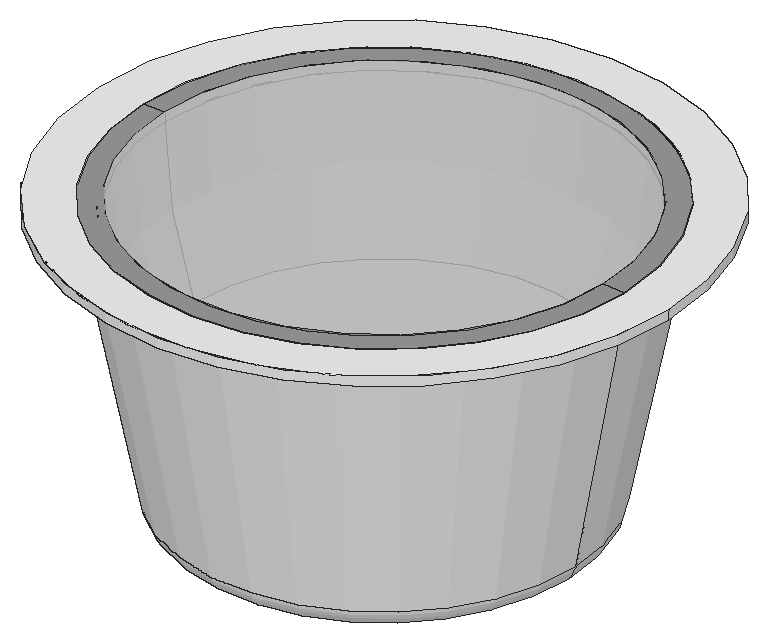
Revit family "2059129 Sylvania Lighting Fixture ASCT100 ARCH HO 4K SSC01 160", category Lighting Fixtures, host Face, Revit 2016
Family settings
  Host = Face
  Part Type = Normal
  Round Connector Dimension = Use Diameter
  OmniClass Number = 23.80.70.11.17
  OmniClass Title = Specialized Lighting by Location or Use
  Cut with Voids When Loaded = No
  Light Source = Yes
  Shared = No
  Room Calculation Point = No
Parameters (values of type "2059129 ASCT100 ARCH HO 4K SSC01 160")
  WidthBezelAcc_SYL = 25.0 mm
  Weight = "1.4 kg"
  Wattage = 17 W
  WarrantyStartDate [instance] = "n/a"
  WarrantyGuarantorParts = "n/a"
  WarrantyDurationUnit = "n/a"
  WarrantyDurationParts = "n/a"
  WarrantyDescription = "n/a"
  built-in parameter 1150110 = 1 (stored number, unit not read)
  Voltage = 0 V
  VisibilityAccessory_SYL = no
  TypeName = "ASCT100 ARCH HO 4K SSC01 160"
  built-in parameter 1114217 = 1 (stored number, unit not read)
  Tilt Angle = -90°
  built-in parameter 1150109 = 1 (stored number, unit not read)
  built-in parameter 1150134 = 12
  built-in parameter 1150113 = 1 (stored number, unit not read)
  SerialNumber [instance] = "n/a"
  ReflectorRadius_SYL = Radius_SYL - 14.5 mm  # 80.0 mm
  RadiusAcc_SYL = 105.0 mm
  Radius_SYL = 94.5 mm
  URL = "http://www.sylvania-lighting.com"
  PowerFactor = 0.96
  PowerConsumption = "17 W"
  Photometric Web File = "2059129.ies"
  NominalWidth = 0.0 mm
  NominalLength = 0.0 mm
  NominalHeight = 94.0 mm
  Name = "ASCT100 ARCH HO 4K SSC01 160"
  ModelReference = "ASCT100 ARCH HO 4K SSC01 160"
  ModelNumber = "2059129"
  Material_4_SYL = none
  Material_3_SYL = Polycarbonate_Sylvania_Ascent_Opal
  Material_2_SYL = Aluminium_Sylvania_Ascent_Silver
  Material_1_SYL = Aluminum_Sylvania_Ascent_White
  Material = "aluminium housing, arcylic diffuser"
  ManufacturerName = "Feilo Sylvania"
  LuminousEfficacy = "113 lm/W"
  built-in parameter 1150105 = 152.87 (stored number, unit not read)
  Lumens = 1921 lm
  LuminaireType = ""
  built-in parameter 1150115 = 1 (stored number, unit not read)
  LightOutputRatio = "100"
  built-in parameter 1150137 = (empty or 0)
  built-in parameter 1150139 = (empty or 0)
  LampsType = Lamp  # "LED"
  LampNominalLuminous = "1921 lm"
  LampMacAdamStep = "3"
  LampColourTemperature = "4000 K"
  LampColourRenderingIndex = "80"
  built-in parameter 1150112 = 1 (stored number, unit not read)
  built-in parameter 1150114 = 1 (stored number, unit not read)
  Keynote = "16500"
  InstallationDate [instance] = "n/a"
  InputVoltage = "n/a"
  InputNominalFrequency = "n/a"
  built-in parameter 1150132 = (empty or 0)
  built-in parameter 1150102 = (empty or 0)
  built-in parameter 1150107 = 4000 (stored number, unit not read)
  built-in parameter 1150138 = (empty or 0)
  IngressProtection = "IP40"
  ImpactProtectionIndex = "IK02"
  built-in parameter 1150106 = 1.5287 (stored number, unit not read)
  IfcExportType = "IfcLightFixtureType"
  IfcExportAs = "IfcLightFixtureType"
  Height_SYL = 94.0 mm
  HeightAcc_SYL = 7.0 mm
  ExpectedLife = 50000
  EmittionSurface_SYL = if(VisibilityAccessory_SYL, 7.0 mm, 3.0 mm)  # 3.0 mm
  Emit from Circle Diameter = DiffuserRadius_SYL * 2  # 146.0 mm
  Emit Shape Visible in Rendering = no
  ElectricShockClassification = "Class II"
  built-in parameter 1150104 = 10.498 (stored number, unit not read)
  DurationUnit = "hours"
  DocumentationLiterature = "http://www.sylvania-lighting.com/product/en-int/products/2059129"
  DimmingControlOptions = "n/a"
  Dimming Lamp Color Temperature Shift = <None>
  DiffuserRadius_SYL = ReflectorRadius_SYL - 7.0 mm  # 73.0 mm
  Diameter_SYL = 2 * Radius_SYL  # 189.0 mm
  CutoutDiameter_SYL = Diameter_SYL - 13.0 mm  # 176.0 mm
  CreatedOn = "9/17/2018"
  CreatedBy = "@sylvania-lighting.com"
  Color Filter = 16777215
  built-in parameter 1114216 [instance] = 1 (stored number, unit not read)
  Model = "ASCT100 ARCH HO 4K SSC01 160"
  Manufacturer = "Feilo Sylvania"
  Lamp = "LED"
  Description = "Direct LED retro fit for original LED 100 Arch (160) single CFL lamp offering Matching lumen levels and improved light distribution of original LED 100 CFL lamp equivalents Typically half the power consumption compared to CFL Up to 112lm/W 160mm aperture Architectural reflector accepts range of glass accessories from existing LED 100 Arch 160 offering HE, HO and VHO versions equivalent of single 1 x 18W, 1 x 32W, 1 x 42W\r\n Additional VVHO versions which offer the performance circa 2 x 32W equivalent"  # constant formula
  Default Elevation = 0.0 mm
  built-in parameter 1140040 [instance] = 1
  BarCode [instance] = "n/a"
  built-in parameter 1114218 = 1 (stored number, unit not read)
  built-in parameter 1150133 = 10 (stored number, unit not read)
  AssetType = "Fixed"
  AssetIdentifier [instance] = "n/a"
  Assembly Code = "D5020200"
  Apparent Load = 17 VA
  Aperture_SYL = 2 * ReflectorRadius_SYL  # 160.0 mm
Reference planes
  plane 1 "Center (Front/Back)": y = 0
  plane 2: z = 0
  plane 3 "Center (Left/Right)": x = 0
  plane 4 "Fixture Bottom": z = 3
  plane 5: z = -52.5
  plane 6 "Fixture Top": z = -91
  plane 7: x = -105
  plane 8: z = 7
  plane 9: x = -80
  plane 10: z = 5
  plane 11: x = -103
Forms (mm)
  Extrusion 1, solid, material "Aluminum_Sylvania_Ascent_White", detail levels fine
    sketch origin (0, 0, 0) x (1, 0, 0) y (0, 1, 0)
      loop
        circle (0, 0) r 94.5
      loop
        circle (0, 0) r 80
    from 0 to 3
  Extrusion 2, void
    sketch origin (0, 0, 0) x (1, 0, 0) y (0, 1, 0)
      loop
        circle (0, 0) r 88
    from -91 to 3
  Revolve 3, solid, material "Aluminum_Sylvania_Ascent_White" <- "Material_1_SYL", detail levels fine
    sketch origin (0, 0, 0) x (1, 0, 0) y (0, 0, 1)
      loop
        line (0, -91.073) -> (0, -89.023) -> (-55.468, -89.014)
        arc (-55.468, -89.014) -> (-59.352, -87.613) -> (-61.54, -84.139) r 6.307
        line (-61.54, -84.139) -> (-77.991, -2.844) -> (-77.991, 0) -> (-80, 0) -> (-80, -3) -> (-63.5, -84.536)
        arc (-63.5, -84.536) -> (-60.643, -89.203) -> (-55.5, -91.073) r 8.291
        line (-55.5, -91.073) -> (0, -91.073)
      axis (0, 0) -> (0, -91.073)
    angle from 0 to 360
  Revolve 4, solid, material "Aluminium_Sylvania_Ascent_Silver" <- "Material_2_SYL", detail levels fine
    sketch origin (0, 0, 0) x (1, 0, 0) y (0, 0, 1)
      loop
        line (-80, 3) -> (-80, 0) -> (-75, 0)
        arc (-75, 0) -> (-72.349, -26.77) -> (-64.5, -52.5) r 136.5
        line (-64.5, -52.5) -> (-58, -52.5)
        arc (-58, -52.5) -> (-56.857, -61.521) -> (-53.5, -69.971) r 36.166
        line (-53.5, -69.971) -> (0, -69.971) -> (0, -50.5) -> (-63.16, -50.5)
        arc (-63.16, -50.5) -> (-70.517, -25.725) -> (-73, 0) r 134.5
        line (-73, 0) -> (-73, 3) -> (-80, 3)
      axis (0, 3) -> (0, -69.971)
    angle from 0 to 360
  Extrusion 5, solid, material "Polycarbonate_Sylvania_Ascent_Opal" <- "Material_3_SYL", detail levels fine
    sketch origin (0, 0, 0) x (1, 0, 0) y (0, 1, 0)
      loop
        circle (0, 0) r 73
    from 0 to 3
  Revolve 6, solid, material "Aluminum_Sylvania_Ascent_White" <- "Material_1_SYL", detail levels coarse+medium
    sketch origin (0, 0, 0) x (1, 0, 0) y (0, 0, 1)
      loop
        line (0, -91.073) -> (0, 3) -> (-94.5, 3) -> (-94.5, 0) -> (-79.5, 0) -> (-79.5, -3) -> (-63, -84.536)
        arc (-63, -84.536) -> (-60.143, -89.203) -> (-55, -91.073) r 8.291
        line (-55, -91.073) -> (0, -91.073)
      axis (0, 3) -> (0, -91.073)
    angle from 0 to 360
  Revolve 7, solid, material "Aluminum_Sylvania_Ascent_White" <- "Material_1_SYL", visible <- "VisibilityAccessory_SYL"
    sketch origin (0, 0, 0) x (1, 0, 0) y (0, 0, 1)
      loop
        line (-105, 0) -> (-103, 0) -> (-103, 5) -> (-80, 5) -> (-80, 7) -> (-105, 7) -> (-105, 0)
      axis (0, 7) -> (0, 0)
    angle from 0 to 360
  Revolve 8, solid, material "Polycarbonate_Sylvania_Ascent_Opal" <- "Material_3_SYL", visible <- "VisibilityAccessory_SYL"
    sketch origin (0, 0, 0) x (1, 0, 0) y (0, 0, 1)
      loop
        line (-80, 7) -> (-80, 5) -> (0, 5) -> (0, 7) -> (-80, 7)
      axis (0, 7) -> (0, 5)
    angle from 0 to 360
Lines and regions (mm)
  reference lines
    curve 1: line (-150, 0, 3) -> (125, 0, 3)
Dimensions and locks
  locked: plane 4 "Fixture Bottom" to plane 2 at 3
  "Height_SYL": plane 4 "Fixture Bottom" to plane 6 "Fixture Top"
  "ReflectorRadius_SYL": plane 3 "Center (Left/Right)" to Revolve 4 sketch curve
  locked: Revolve 4 sketch curve to Revolve 4 sketch curve at 15.5
  locked: Revolve 4 sketch curve to Revolve 4 sketch curve at 5
  locked: Revolve 4 sketch curve to Revolve 4 sketch curve at 7
  locked: Revolve 4 sketch curve to Revolve 4 sketch curve at 22
  locked: Revolve 4 sketch curve to Revolve 4 sketch curve at 26.5
  locked: Revolve 3 sketch curve to Revolve 3 sketch curve at 16.5
  locked: Revolve 3 sketch curve to Revolve 3 sketch curve at 24.5
  "ReflectorRadius_SYL": Revolve 3 sketch curve to plane 3 "Center (Left/Right)"
  locked: Revolve 3 sketch curve to plane 6 "Fixture Top" at 6.464
  locked: plane 2 to Revolve 3 sketch curve at 3
  locked: Revolve 3 sketch curve to Revolve 3 sketch curve at 2
  locked: Revolve 3 sketch curve to Revolve 3 sketch curve at 2.009
  locked: plane 2 to plane 5 at 52.5
  locked: Revolve 6 sketch curve to Revolve 6 sketch curve at 31.5
  locked: Revolve 6 sketch curve to Revolve 6 sketch curve at 39.5
  locked: Revolve 6 sketch curve to Revolve 6 sketch curve at 15
  "Radius_SYL": plane 3 "Center (Left/Right)" to Revolve 6 sketch curve
  "RadiusAcc_SYL": plane 3 "Center (Left/Right)" to plane 7
  "HeightAcc_SYL": plane 8 to level
  "WidthBezelAcc_SYL": plane 7 to plane 9
  locked: plane 7 to plane 11 at 2
  locked: plane 8 to plane 10 at 2
  "EmittionSurface_SYL": curve 1 to level
  "CutoutDiameter_SYL": diameter of Extrusion 2 sketch curve
  "ReflectorRadius_SYL": radius of Extrusion 1 sketch curve
  "DiffuserRadius_SYL": radius of Extrusion 5 sketch curve
  "Radius_SYL": radius of Extrusion 1 sketch curve
  aligned and locked: host face to plane 2
  aligned and locked: host face to level
  aligned and locked: plane 4 "Fixture Bottom" to Extrusion 1
  aligned and locked: Extrusion 1 to plane 2
  aligned and locked: Revolve 3 sketch curve to plane 3 "Center (Left/Right)"
  aligned and locked: Revolve 4 sketch curve to plane 3 "Center (Left/Right)"  (x2)
  aligned and locked: plane 4 "Fixture Bottom" to Revolve 4 sketch curve
  aligned and locked: Extrusion 5 to plane 2
  aligned and locked: plane 2 to Revolve 3 sketch curve  (x2)
  aligned and locked: Revolve 6 sketch curve to plane 3 "Center (Left/Right)"
  aligned and locked: plane 6 "Fixture Top" to Extrusion 2
  aligned and locked: Revolve 7 sketch curve to plane 3 "Center (Left/Right)"
  aligned and locked: host face to Revolve 7 sketch curve  (x2)
  aligned and locked: Revolve 7 sketch curve to plane 7
  aligned and locked: plane 8 to Revolve 7 sketch curve
  aligned and locked: plane 9 to Revolve 7 sketch curve
  aligned and locked: Revolve 7 sketch curve to plane 10
  aligned and locked: plane 11 to Revolve 7 sketch curve
  aligned and locked: Revolve 7 to Revolve 8 sketch curve
  aligned and locked: Revolve 8 sketch curve to Revolve 7  (x2)
  aligned and locked: Revolve 8 sketch curve to plane 3 "Center (Left/Right)"  (x2)
  aligned and locked: plane 3 "Center (Left/Right)" to imposter light
  aligned and locked: imposter light to plane 1 "Center (Front/Back)"
  aligned and locked: imposter light to curve 1
Automatic sketch dimensions
  plane 1 "Center (Front/Back)" to Extrusion 2 sketch curve = 0.0 mm
  Extrusion 2 sketch curve to plane 3 "Center (Left/Right)" = 0.0 mm
  Extrusion 1 sketch curve to Extrusion 1 sketch curve = 0.0 mm  (x2)
  plane 1 "Center (Front/Back)" to Extrusion 1 sketch curve = 0.0 mm
  Extrusion 1 sketch curve to plane 3 "Center (Left/Right)" = 0.0 mm
  plane 6 "Fixture Top" to Revolve 3 sketch curve = 0.073 mm
  Revolve 3 sketch curve to plane 6 "Fixture Top" = 6.861 mm
  Revolve 3 sketch curve to Revolve 3 sketch curve = 0.003 mm
  Revolve 3 sketch curve to Revolve 3 sketch curve = 0.009 mm  (x2)
  Revolve 3 sketch curve to Revolve 3 sketch curve = 0.023 mm
  Revolve 3 sketch curve to Revolve 3 sketch curve = 0.072 mm
  Revolve 3 sketch curve to Revolve 3 sketch curve = 0.008 mm
  Revolve 3 sketch curve to plane 6 "Fixture Top" = 1.977 mm
  Revolve 3 sketch curve to Revolve 3 sketch curve = 33.496 mm
  Revolve 3 sketch curve to Revolve 3 sketch curve = 0.028 mm
  plane 4 "Fixture Bottom" to Revolve 3 sketch curve = 82.431 mm
  Revolve 4 sketch curve to Revolve 4 sketch curve = 0.0 mm  (x2)
  Revolve 4 sketch curve to plane 5 = 0.0 mm
  Revolve 4 sketch curve to level = 0.0 mm
  plane 5 to Revolve 4 sketch curve = 2.0 mm
  plane 4 "Fixture Bottom" to Revolve 4 sketch curve = 9.642 mm
  plane 1 "Center (Front/Back)" to Extrusion 5 sketch curve = 0.0 mm
  Extrusion 5 sketch curve to plane 3 "Center (Left/Right)" = 0.0 mm
  Revolve 4 sketch curve to level = 69.971 mm
  Revolve 4 sketch curve to Revolve 4 sketch curve = 2.387 mm
  Revolve 6 sketch curve to level = 0.0 mm
  Revolve 6 sketch curve to plane 3 "Center (Left/Right)" = 0.0 mm
  Revolve 6 sketch curve to Revolve 6 sketch curve = 8.104 mm
  Revolve 6 sketch curve to level = 3.0 mm
  Revolve 6 sketch curve to plane 6 "Fixture Top" = 6.464 mm
  plane 6 "Fixture Top" to Revolve 6 sketch curve = 0.073 mm
  Revolve 6 sketch curve to Revolve 6 sketch curve = 33.496 mm
  plane 4 "Fixture Bottom" to Revolve 6 sketch curve = 82.431 mm
  host sketch curve to host sketch curve = 1704.996 mm
  host sketch curve to host sketch curve = 1500.0 mm
  plane 6 "Fixture Top" to Revolve 7 sketch curve = 281.274 mm
  Revolve 7 sketch curve to plane 8 = 1140.706 mm
  plane 6 "Fixture Top" to Revolve 8 sketch curve = 281.274 mm
  Revolve 8 sketch curve to Revolve 8 sketch curve = 1140.706 mm
  Revolve 3 sketch curve to plane 3 "Center (Left/Right)" = 0.0 mm
  Revolve 6 sketch curve to plane 4 "Fixture Bottom" = 0.0 mm
  plane 7 to curve 1 = 45.0 mm
  plane 3 "Center (Left/Right)" to curve 1 = 125.0 mm
Connectors
  electrical at (0, 0, -91.073), driven by "Apparent Load"
    settings: on Revolve 3, index 1, voltage 240 V, apparent load 0 VA, apparent load phase1 17 VA, apparent load phase2 0 VA, apparent load phase3 0 VA, power factor 1, load classification "Lighting", number of poles 1, system type 31, power factor state 1, is connector primary yes, connector utility no, sub classification motor no, connector description ""
